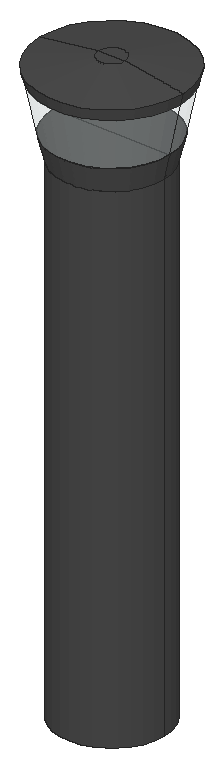
Revit family "CircLED Bollard", category Lighting Fixtures, Revit 2014
Parameters (values of type "CircLED Bollard")
  Wattage = 16 W
  WarrantyGuarantorParts = "n/a"
  WarrantyDurationParts = "n/a"
  WarrantyDescription = "n/a"
  built-in parameter 1150110 = 1 (stored number, unit not read)
  Version = "v.1.0"
  Uniclass2 = "Pr_70_70_49_43 Light-Emitting Diode (LED) Luminaires"
  Uniclass 1.4 = "JY73"
  URL = "http://riegens.com/circled-bollard"
  TotalWattage = "Max. 16W"
  built-in parameter 1114217 = 1 (stored number, unit not read)
  Tilt Angle = 90.00°
  built-in parameter 1150109 = 1 (stored number, unit not read)
  built-in parameter 1150134 = (empty or 0)
  TagNumber = "n/a"
  SustainabilityPerformance = "n/a"
  built-in parameter 1150113 = 1 (stored number, unit not read)
  SupplyCircuitConductorConnections = "n/a"
  Size = "Ø220 mm"
  Shape = "Circle"
  ProductInformation = "http://riegens.com/circled-bollard"
  PhotometricPerformance = "In accordance with BS EN 13032-1"
  Photometric Web File = "CircLED Bollard 16W 3000K Miirrormatt finish reflector Black structure IP54.ies"
  PhaseReference = "IEC recommendations"
  Optic = "Mirror matt / Satin matt / Soft optic"
  NominalVoltage = "220-240V"
  ModelReference = "CircLED Bollard"
  Model = "CircLED Bollard"
  Material = "Aluminium and PC"
  ManufacturersSpecificInformation = "n/a"
  ManufacturerURL = "www.riegens.com"
  Manufacturer = "Riegens A/S"
  Lumens = 592 lm
  LuminaireType = "Outdoor Indirect LED Luminaire"
  LuminairePowerFactor = ">0,9"
  built-in parameter 1150115 = 1 (stored number, unit not read)
  built-in parameter 1150105 = 47.11 (stored number, unit not read)
  LightSource = "LED 3000K"
  LightFixturePlacingType = "Other"
  LightFixtureMountingType = "Surface"
  built-in parameter 1150137 = (empty or 0)
  built-in parameter 1150139 = (empty or 0)
  LampType = "LED"
  LampRating = "16W "
  LampColourRenderingIndex = "Ra>80"
  built-in parameter 1150112 = 1 (stored number, unit not read)
  built-in parameter 1150114 = 1 (stored number, unit not read)
  InternalFuse = "Only required in emergency versions"
  InsulationStandardClass = "Class 1 / Class 2"
  built-in parameter 1150132 = (empty or 0)
  built-in parameter 1150102 = (empty or 0)
  built-in parameter 1150138 = (empty or 0)
  built-in parameter 1150107 = 3000 (stored number, unit not read)
  built-in parameter 1150106 = 0.4711 (stored number, unit not read)
  IfcExportType = "NOTDEFINED'"
  IfcExportAs = "IfcLightFixtureType'"
  IP_Code = "IP54"
  Height 2 = 140 mm
  Height 1 = 900 mm
  HasProtectiveEarth = "TRUE"
  Grade = "n/a"
  Frame = Riegens_Aluminum_powder coated black
  Finish = "Powder coated"
  Features = "n/a"
  built-in parameter 1150104 = 3.4374 (stored number, unit not read)
  Documentation = "See URL hyperlink"
  DocumentReference = "See URL hyperlink"
  Dimming Lamp Color Temperature Shift = <None>
  Diameter 2 = 220 mm
  Diameter 1 = 160 mm
  Description = "70-80-35 General Lighting Systems"
  ControlGearPosition = "Integrated "
  Constituents = "n/a"
  Colour = "Black"
  Color Filter = 16777215
  CodePerformance = "n/a"
  CCSTopnode = "L"
  CCSClassName = "Belysningsarmatur"
  CCSClassCode = "UAC"
  BarCode = "n/a"
  BallastsCELMAEnergyEfficiencyIndex = "Class A1/A2"
  built-in parameter 1114218 = 1 (stored number, unit not read)
  BSAB 96 = "SNB.2"
  BIMObjectName = "CircLED Bollard.rfa"
  Author = "3dbyggeri"
  built-in parameter 1150133 = 10 (stored number, unit not read)
  AssetType = "Moveable/Fixed"
  AssetIdentifier = "n/a"
  ArticleNumber = "See URL hyperlink"
  Apparent Load = 240 VA
  AccessibilityPerformance = "n/a"
Reference planes
  plane 1 "Light Source Axis (F/B)": y = 0
  plane 2: z = 0
  plane 3 "Light Source Axis (L/R)": x = 0
  plane 4 "Light Source Elevation": z = 840
  plane 5: z = 760
  plane 6: z = 900
  plane 7: x = -80
  plane 8: x = 80
  plane 9: x = 110
  plane 10: x = -110
  plane 11: z = 796
  plane 12: z = 871
  plane 13: z = 887
  plane 14: through (111.665, -5000, 887) normal (-0.1406, 0, -0.9901)
Forms (mm)
  Extrusion 1, solid, material "Riegens_Aluminum_powder coated black" <- "Frame"
    sketch origin (0, 0, 0) x (1, 0, 0) y (0, 1, 0)
      loop
        circle (0, 0) r 80
    from 0 to 760
  Revolve 2, solid, material "Riegens_Aluminum_powder coated black" <- "Frame"
    sketch origin (0, 0, 0) x (1, 0, 0) y (0, 0, 1)
      loop
        line (0, 760) -> (80, 760) -> (88.976, 796) -> (0, 796) -> (0, 760)
      axis (0, 796) -> (0, 760)
    angle from 0 to 360
  Revolve 3, solid, material "Riegens_Aluminum_powder coated black" <- "Frame"
    sketch origin (0, 0, 0) x (1, 0, 0) y (0, 0, 1)
      loop
        line (0, 871) -> (105.242, 871) -> (112.472, 900) -> (0, 900) -> (0, 871)
      axis (0, 900) -> (0, 871)
    angle from 0 to 360
  Revolve 4, void
    sketch origin (0, 0, 0) x (1, 0, 0) y (0, 0, 1)
      loop
        line (111.665, 887) -> (112.472, 900) -> (20.127, 900) -> (111.665, 887)
      axis (0, 900) -> (0, 887)
    angle from 0 to 360
  Revolve 5, solid, material "Riegens_Glass_opal"
    sketch origin (0, 0, 0) x (1, 0, 0) y (0, 0, 1)
      loop
        line (0, 871) -> (0, 796) -> (88.976, 796) -> (105.242, 871) -> (0, 871)
      axis (0, 871) -> (0, 796)
    angle from 0 to 360
Cuts and joins
  Revolve 4 cuts Revolve 3
Dimensions and locks
  "Height 1": plane 6 to plane 2
  "Height 2": plane 6 to plane 5
  "Diameter 1": plane 7 to plane 8
  equal spacing: plane 10, plane 3 "Light Source Axis (L/R)", plane 9
  "Diameter 2": plane 10 to plane 9
  locked: plane 6 to plane 4 "Light Source Elevation" at 60
  locked: plane 11 to plane 5 at 36
  locked: plane 6 to plane 13 at 13
  locked: plane 6 to plane 12 at 29
  aligned and locked: plane 3 "Light Source Axis (L/R)" to imposter light
  aligned and locked: plane 1 "Light Source Axis (F/B)" to imposter light
  aligned and locked: plane 4 "Light Source Elevation" to imposter light
  aligned and locked: level to plane 2
  aligned and locked: Extrusion 1 to plane 5
  aligned and locked: Extrusion 1 to plane 2
  aligned and locked: Revolve 2 sketch curve to plane 3 "Light Source Axis (L/R)"
  aligned and locked: plane 5 to Revolve 2 sketch curve
  aligned and locked: plane 11 to Revolve 2 sketch curve
  aligned and locked: Revolve 3 sketch curve to plane 3 "Light Source Axis (L/R)"
  aligned and locked: plane 12 to Revolve 3 sketch curve
  aligned and locked: Revolve 3 sketch curve to plane 6
  aligned and locked: Revolve 4 sketch curve to plane 14
  aligned and locked: plane 6 to Revolve 4 sketch curve
  aligned and locked: Revolve 5 sketch curve to plane 12
  aligned and locked: plane 11 to Revolve 5 sketch curve
  aligned and locked: Revolve 5 sketch curve to plane 3 "Light Source Axis (L/R)"
Automatic sketch dimensions
  plane 1 "Light Source Axis (F/B)" to Extrusion 1 sketch curve = 0 mm
  Extrusion 1 sketch curve to plane 3 "Light Source Axis (L/R)" = 0 mm
  Revolve 2 sketch curve to plane 3 "Light Source Axis (L/R)" = 0 mm
  plane 8 to Revolve 2 sketch curve = 0 mm
  Revolve 2 sketch curve to Revolve 2 sketch curve = 8.976 mm
  Revolve 2 sketch curve to Revolve 2 sketch curve = 225 mm
  Revolve 2 sketch curve to plane 6 = 55 mm
  Revolve 3 sketch curve to plane 3 "Light Source Axis (L/R)" = 0 mm
  plane 5 to Revolve 3 sketch curve = 75.409 mm
  Revolve 3 sketch curve to plane 6 = 52.185 mm
  Revolve 4 sketch curve to plane 3 "Light Source Axis (L/R)" = 0 mm
  plane 5 to Revolve 4 sketch curve = 20.384 mm
  Revolve 4 sketch curve to plane 6 = 26.298 mm
  Revolve 5 sketch curve to plane 3 "Light Source Axis (L/R)" = 0 mm
  plane 5 to Revolve 5 sketch curve = 44 mm
  Revolve 5 sketch curve to plane 6 = 36 mm
  plane 9 to Revolve 3 sketch curve = 4.758 mm
  Revolve 3 sketch curve to plane 9 = 2.472 mm
  Revolve 4 sketch curve to plane 13 = 0 mm
  Revolve 4 sketch curve to plane 9 = 2.472 mm
  Revolve 5 sketch curve to plane 8 = 8.976 mm
  plane 9 to Revolve 5 sketch curve = 4.758 mm
  radius of Extrusion 1 sketch curve = 80 mm
Connectors
  electrical at (0, 0, 0)
    settings: index 1, voltage 0 V, apparent load 0 VA, apparent load phase1 0 VA, apparent load phase2 0 VA, apparent load phase3 0 VA, power factor 1, load classification "Other", number of poles 1, system type 31, power factor state 1, is connector primary yes, connector utility no, sub classification motor no, connector description ""
